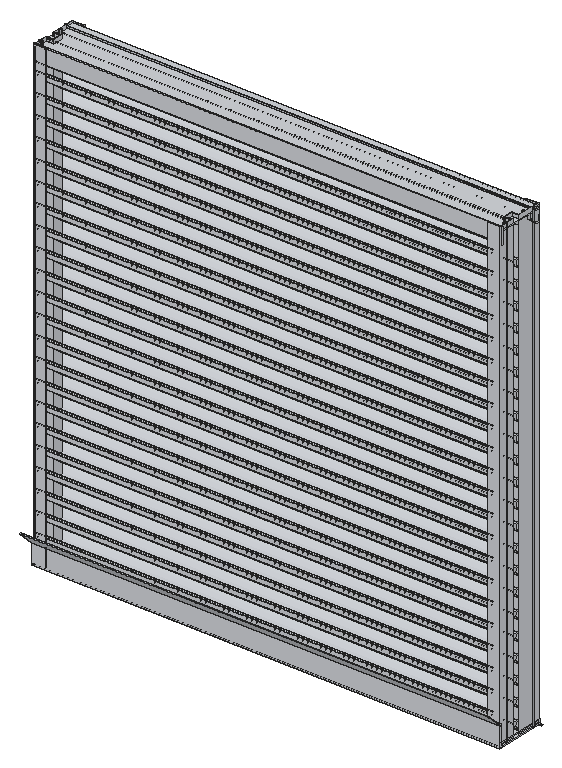
Revit family
Parameters
  blade array = (Height - 0' 2 1/2" - 0' 0 5/8") / 0' 2"  # 22
  URL = "www.airbalance.com"
  OmniClass Table 23 Title = "Exterior Louvers and Grilles"
  OmniClass Table 23 Code = "23-30 60 11 17"
  Model = "A590"
  Manufacturer = "Air Balance"
  Height = 3' - 11 1/4"
  Description = "Stationary Louver"
  Default Sill Height = 3' - 0"
  Wall Closure = (empty or 0)
  Width = 3' - 11 1/2"
  Blade Width = Width - (0' 0 5/32" * 2)  # 3' - 11 3/16"
Reference planes (in)
  plane 1 "Center (Front/Back)": y = 0
  plane 2: z = 0
  plane 3 "Center (Left/Right)": x = 0
  plane 4 "Sill": z = 36
  plane 5 "Top": z = 83.25
  plane 6: x = 65.5
  plane 7: z = 36.08098
  plane 8: z = 80.75
  plane 9: z = 78.75
  plane 10: y = 2.921
  plane 11: y = 2.842
  plane 12: x = 23.59777
  plane 13: x = -23.58973
  plane 14: x = -23.75
  plane 15: x = 23.75
Forms (in)
  Sweep 1, solid
    path in 3D
      loop
        line (23.76016, 2.921, 36.08098) -> (23.76016, 2.921, 83.25)
    profile origin (23.76016, 2.921, 59.66549) x (0, 1, 0) y (-1, 0, 0)
      loop
        line (-2.49103, 0.08339) -> (-0.83103, 0.08339) -> (-0.83103, 0.04272)
        arc (-0.83103, 0.04272) -> (-0.79209, 0.00214) -> (-0.75205, 0.04163) r 0.0395
        line (-0.75205, 0.04163) -> (-0.75205, 0.08339) -> (-0.00201, 0.08339) -> (-0.00201, 1.30339)
        arc (-0.00201, 1.30339) -> (-0.01079, 1.32461) -> (-0.03201, 1.33339) r 0.03
        line (-0.03201, 1.33339) -> (-0.08101, 1.33339) -> (-0.08101, 0.16239) -> (-1.58783, 0.16239)
        arc (-1.58783, 0.16239) -> (-1.61223, 0.17367) -> (-1.61681, 0.20016) r 0.02892
        arc (-1.61681, 0.20016) -> (-1.61524, 0.26738) -> (-1.64563, 0.32737) r 0.13797
        arc (-1.64563, 0.32737) -> (-1.69512, 0.33139) -> (-1.69883, 0.28188) r 0.035
        arc (-1.69883, 0.28188) -> (-1.75204, 0.16626) -> (-1.80524, 0.28188) r 0.07005
        arc (-1.80524, 0.28188) -> (-1.80918, 0.33114) -> (-1.85845, 0.32737) r 0.035
        arc (-1.85845, 0.32737) -> (-1.88855, 0.26732) -> (-1.88727, 0.20016) r 0.14027
        arc (-1.88727, 0.20016) -> (-1.89235, 0.17406) -> (-1.91625, 0.16239) r 0.02982
        line (-1.91625, 0.16239) -> (-2.41203, 0.16239) -> (-2.41203, 0.91239) -> (-3.41203, 0.91239) -> (-3.41203, 0.16239) -> (-3.93582, 0.16239)
        arc (-3.93582, 0.16239) -> (-3.96092, 0.17313) -> (-3.9648, 0.20016) r 0.02786
        arc (-3.9648, 0.20016) -> (-3.96372, 0.26727) -> (-3.99362, 0.32737) r 0.14186
        arc (-3.99362, 0.32737) -> (-4.04302, 0.33129) -> (-4.04684, 0.28188) r 0.03501
        arc (-4.04684, 0.28188) -> (-4.10001, 0.16617) -> (-4.15324, 0.28185) r 0.07008
        arc (-4.15324, 0.28185) -> (-4.15709, 0.3312) -> (-4.20644, 0.32729) r 0.03498
        arc (-4.20644, 0.32729) -> (-4.23649, 0.26727) -> (-4.2352, 0.20016) r 0.14024
        arc (-4.2352, 0.20016) -> (-4.24013, 0.17391) -> (-4.26423, 0.16239) r 0.0295
        line (-4.26423, 0.16239) -> (-4.842, 0.17618) -> (-4.842, 1.30339)
        arc (-4.842, 1.30339) -> (-4.85446, 1.32774) -> (-4.8815, 1.33185) r 0.03
        arc (-4.8815, 1.33185) -> (-4.90853, 1.32774) -> (-4.921, 1.30339) r 0.03
        line (-4.921, 1.30339) -> (-4.921, 0.08339) -> (-4.17099, 0.08339) -> (-4.17099, 0.04163)
        arc (-4.17099, 0.04163) -> (-4.13135, 0.00213) -> (-4.09199, 0.04192) r 0.03951
        line (-4.09199, 0.04192) -> (-4.09199, 0.08339) -> (-3.33303, 0.08339) -> (-3.33303, 0.83339) -> (-2.49103, 0.83339) -> (-2.49103, 0.08339)
  Sweep 2, solid
    path in 3D
      loop
        line (-23.75, 2.921, 83.25) -> (-23.75, 2.921, 36.08098)
    profile origin (-23.75, 2.921, 59.66549) x (1, 0, 0) y (0, 1, 0)
      loop
        line (0.08127, -2.48876) -> (0.83127, -2.48876) -> (0.83127, -3.33076) -> (0.08127, -3.33076) -> (0.08127, -4.08998) -> (0.03979, -4.08998)
        arc (0.03979, -4.08998) -> (0, -4.12934) -> (0.03951, -4.16899) r 0.03951
        line (0.03951, -4.16899) -> (0.08127, -4.16899) -> (0.08127, -4.91899) -> (1.30127, -4.91899)
        arc (1.30127, -4.91899) -> (1.32561, -4.90653) -> (1.32972, -4.87949) r 0.03
        arc (1.32972, -4.87949) -> (1.32561, -4.85246) -> (1.30127, -4.83999) r 0.03
        line (1.30127, -4.83999) -> (0.17405, -4.83999) -> (0.16027, -4.26222)
        arc (0.16027, -4.26222) -> (0.17178, -4.23812) -> (0.19803, -4.2332) r 0.0295
        arc (0.19803, -4.2332) -> (0.26514, -4.23448) -> (0.32518, -4.20445) r 0.14037
        arc (0.32518, -4.20445) -> (0.32912, -4.15508) -> (0.27974, -4.15121) r 0.035
        arc (0.27974, -4.15121) -> (0.16394, -4.09787) -> (0.27977, -4.04459) r 0.07018
        arc (0.27977, -4.04459) -> (0.32917, -4.04074) -> (0.32524, -3.99134) r 0.03501
        arc (0.32524, -3.99134) -> (0.26514, -3.96147) -> (0.19803, -3.96255) r 0.14196
        arc (0.19803, -3.96255) -> (0.171, -3.95868) -> (0.16027, -3.93358) r 0.02786
        line (0.16027, -3.93358) -> (0.16027, -3.40976) -> (0.91027, -3.40976) -> (0.91027, -2.40976) -> (0.16027, -2.40976) -> (0.16027, -1.91398)
        arc (0.16027, -1.91398) -> (0.17193, -1.89008) -> (0.19803, -1.885) r 0.02982
        arc (0.19803, -1.885) -> (0.26519, -1.88627) -> (0.32524, -1.85618) r 0.14027
        arc (0.32524, -1.85618) -> (0.32901, -1.80691) -> (0.27975, -1.80297) r 0.035
        arc (0.27975, -1.80297) -> (0.16413, -1.74977) -> (0.27975, -1.69656) r 0.07005
        arc (0.27975, -1.69656) -> (0.32927, -1.69285) -> (0.32524, -1.64336) r 0.035
        arc (0.32524, -1.64336) -> (0.26526, -1.61297) -> (0.19803, -1.61454) r 0.13797
        arc (0.19803, -1.61454) -> (0.17154, -1.60996) -> (0.16027, -1.58556) r 0.02892
        line (0.16027, -1.58556) -> (0.16027, -0.079) -> (1.33127, -0.079) -> (1.33127, -0.03)
        arc (1.33127, -0.03) -> (1.32248, -0.00879) -> (1.30127, 0) r 0.03
        line (1.30127, 0) -> (0.08127, 0) -> (0.08127, -0.75001) -> (0.03951, -0.75001)
        arc (0.03951, -0.75001) -> (0.00001, -0.79005) -> (0.04059, -0.829) r 0.0395
        line (0.04059, -0.829) -> (0.08127, -0.829) -> (0.08127, -2.48876)
  Sweep 3, solid
    path in 3D
      loop
        line (-23.75, 2.921, 36) -> (23.76016, 2.921, 36)
    profile origin (0.00508, 2.921, 36) x (0, 1, 0) y (0, 0, 1)
      loop
        line (-6.48625, 3.4668) -> (-6.53044, 3.42261) -> (-5.0625, 1.95466) -> (-5.0625, -0.0625) -> (0, -0.0625) -> (0.34497, -0.40747) -> (0.38917, -0.36328) -> (0.02589, 0) -> (-5, 0) -> (-5, 1.98055) -> (-6.48625, 3.4668)
  Sweep 4, solid
    path in 3D
      loop
        line (-23.75, 2.921, 36) -> (23.76016, 2.921, 36)
    profile origin (0.00508, 2.921, 36) x (0, 1, 0) y (0, 0, 1)
      loop
        line (-0.079, 0.30098) -> (-0.079, 0.15998) -> (-0.829, 0.15998) -> (-0.82896, 0.03949)
        arc (-0.82896, 0.03949) -> (-0.8174, 0.01156) -> (-0.7895, -0.00004) r 0.03954
        arc (-0.7895, -0.00004) -> (-0.76159, 0.01157) -> (-0.75004, 0.0395) r 0.03954
        line (-0.75004, 0.0395) -> (-0.75, 0.08098) -> (0, 0.08098) -> (0, 0.34998)
        arc (0, 0.34998) -> (-0.00879, 0.3712) -> (-0.03, 0.37998) r 0.03
        line (-0.03, 0.37998) -> (-4.921, 0.38) -> (-4.92098, 2.0909)
        arc (-4.92098, 2.0909) -> (-4.96009, 2.13041) -> (-5, 2.0917) r 0.03951
        line (-5, 2.0917) -> (-4.99999, 1.98055) -> (-5, 0.02988)
        arc (-5, 0.02988) -> (-4.99122, 0.00879) -> (-4.97014, 0) r 0.03
        line (-4.97014, 0) -> (-4.86184, 0)
        arc (-4.86184, 0) -> (-4.838, 0.02407) -> (-4.86199, 0.04799) r 0.02399
        line (-4.86199, 0.04799) -> (-4.921, 0.04799) -> (-4.921, 0.301) -> (-0.079, 0.30098)
  Sweep 5, solid
    path in 3D
      loop
        line (23.76016, 2.921, 83.25) -> (-23.75, 2.921, 83.25)
    profile origin (0.00508, 2.921, 83.25) x (0, 1, 0) y (0, 0, -1)
      loop
        line (-1.23131, 0.79828) -> (-0.73166, 1.29793)
        arc (-0.73166, 1.29793) -> (-0.46773, 1.48299) -> (-0.156, 1.56506) r 0.91515
        line (-0.156, 1.56506) -> (-0.156, 1.09727)
        arc (-0.156, 1.09727) -> (-0.13345, 1.04283) -> (-0.079, 1.02027) r 0.077
        line (-0.079, 1.02027) -> (-0.079, 1.64527)
        arc (-0.079, 1.64527) -> (-0.46168, 1.56915) -> (-0.78611, 1.35238) r 1
        line (-0.78611, 1.35238) -> (-1.3359, 0.80258)
        arc (-1.3359, 0.80258) -> (-1.34099, 0.77875) -> (-1.32132, 0.76437) r 0.0224
        arc (-1.32132, 0.76437) -> (-1.2746, 0.64616) -> (-1.39488, 0.68727) r 0.07
        arc (-1.39488, 0.68727) -> (-1.4333, 0.71848) -> (-1.4645, 0.68006) r 0.035
        arc (-1.4645, 0.68006) -> (-1.43287, 0.60494) -> (-1.36475, 0.56017) r 0.14
        line (-1.36475, 0.56017) -> (-1.36475, 0.39627) -> (-2.7446, 0.39627)
        arc (-2.7446, 0.39627) -> (-2.7684, 0.408) -> (-2.77358, 0.43403) r 0.03
        arc (-2.77358, 0.43403) -> (-2.77227, 0.5012) -> (-2.8024, 0.56124) r 0.14
        arc (-2.8024, 0.56124) -> (-2.85174, 0.5651) -> (-2.8556, 0.51575) r 0.035
        arc (-2.8556, 0.51575) -> (-2.90881, 0.40027) -> (-2.96201, 0.51575) r 0.07
        arc (-2.96201, 0.51575) -> (-2.96587, 0.5651) -> (-3.01522, 0.56124) r 0.035
        arc (-3.01522, 0.56124) -> (-3.04535, 0.5012) -> (-3.04404, 0.43403) r 0.14
        arc (-3.04404, 0.43403) -> (-3.04921, 0.408) -> (-3.07302, 0.39626) r 0.03
        line (-3.07302, 0.39626) -> (-4.682, 0.39626) -> (-4.682, 1.60676)
        arc (-4.682, 1.60676) -> (-4.7205, 1.64526) -> (-4.759, 1.60676) r 0.0385
        line (-4.759, 1.60676) -> (-4.759, 0.05877)
        arc (-4.759, 0.05877) -> (-4.7205, 0.02027) -> (-4.682, 0.05877) r 0.0385
        line (-4.682, 0.05877) -> (-4.682, 0.31926) -> (-0.923, 0.31927) -> (-0.158, 0.31927) -> (-0.158, 0.18035) -> (-0.908, 0.18035) -> (-0.908, 0.05978)
        arc (-0.908, 0.05978) -> (-0.8685, 0.02028) -> (-0.829, 0.05978) r 0.0395
        line (-0.829, 0.05978) -> (-0.829, 0.10128) -> (-0.079, 0.10128) -> (-0.079, 0.36627)
        arc (-0.079, 0.36627) -> (-0.08779, 0.38749) -> (-0.109, 0.39627) r 0.03
        line (-0.109, 0.39627) -> (-1.28575, 0.39627) -> (-1.28575, 0.56017)
        arc (-1.28575, 0.56017) -> (-1.18877, 0.66328) -> (-1.23131, 0.79828) r 0.14
Lines and regions (in)
  Opening 1
    outline origin (-60, -3.079, 0) x (1, 0, 0) y (0, 0, 1)
      loop
        line (36.25, 83.25) -> (36.25, 36) -> (83.76016, 36) -> (83.76016, 83.25) -> (36.25, 83.25)
  sketch lines
    curve 1: line (23.76016, 2.921, 36.08098) -> (23.76016, 2.921, 83.25)
    curve 2: line (-23.75, 2.921, 83.25) -> (-23.75, 2.921, 36.08098)
    curve 3: line (-23.75, 2.921, 36) -> (23.76016, 2.921, 36)
    curve 4: line (-23.75, 2.921, 36) -> (23.76016, 2.921, 36)
    curve 5: line (23.76016, 2.921, 83.25) -> (-23.75, 2.921, 83.25)
Text (in)
  text "EXTERIOR" at (-58.6888, 50.90694, 0), in view "Ref. Level"
  text "INTERIOR" at (-58.6888, -37.76638, 0), in view "Ref. Level"
  text "Exterior" at (0, 9.21515, 77.09475), in view "Left"
  text "Exterior" at (0, 5.92167, 81.30754), in view "Right"
Dimensions and locks (in)
  equal spacing: group 1, group 2, group 3, group 4, group 5, group 6, group 7, group 8, group 9, group 10, group 11, group 12, group 13, group 14, group 15, group 16, group 17, group 18, group 19, group 20, group 21, group 22  (x3)
  locked: plane 8 to plane 5 "Top" at 2.5
  locked: plane 9 to plane 8 at 2
  locked: host wall to plane 10 at 0
  locked: plane 10 to plane 11 at 0.079
  "Blade Width": plane 13 to plane 12
  "Width": plane 14 to plane 15
  locked: plane 14 to plane 13 at 0.16027
  plane 12 to plane 15 = 0' - 0.15223"
  equal spacing: plane 14, plane 3 "Center (Left/Right)", plane 15
  aligned and locked: plane 5 "Top" to Opening 1 sketch curve
  aligned and locked: plane 4 "Sill" to Opening 1 sketch curve  (x2)
  aligned and locked: nested 22 to plane 8
  aligned and locked: nested 21 to plane 9
  aligned and locked: nested 22 to plane 11
  aligned and locked: nested 21 to plane 11
Automatic sketch dimensions
  profile plane to Sweep 1 sketch curve = 0' - 0.08339"  (x3)
  profile plane to Sweep 1 sketch curve = 0' - 4.921"
  Sweep 1 sketch curve to Sweep 1 sketch curve = 0' - 0.03"  (x2)
  Sweep 1 sketch curve to Sweep 1 sketch curve = 0' - 0.0095"
  Sweep 1 sketch curve to Sweep 1 sketch curve = 0' - 0.019"
  profile plane to Sweep 1 sketch curve = 0' - 0.16239"  (x3)
  Sweep 1 sketch curve to Sweep 1 sketch curve = 0' - 0.57777"
  Sweep 1 sketch curve to Sweep 1 sketch curve = 0' - 0.0007"
  Sweep 1 sketch curve to Sweep 1 sketch curve = 0' - 0.02832"
  Sweep 1 sketch curve to Sweep 1 sketch curve = 0' - 0.02876"
  Sweep 1 sketch curve to Sweep 1 sketch curve = 0' - 0.02663"
  profile plane to Sweep 1 sketch curve = 0' - 0.04163"  (x2)
  Sweep 1 sketch curve to Sweep 1 sketch curve = 0' - 0.09323"
  Sweep 1 sketch curve to Sweep 1 sketch curve = 0' - 0.02657"  (x2)
  Sweep 1 sketch curve to Sweep 1 sketch curve = 0' - 0.03951"
  Sweep 1 sketch curve to Sweep 1 sketch curve = 0' - 0.05116"
  Sweep 1 sketch curve to Sweep 1 sketch curve = 0' - 0.00205"
  Sweep 1 sketch curve to Sweep 1 sketch curve = 0' - 0.00033"
  Sweep 1 sketch curve to Sweep 1 sketch curve = 0' - 0.0395"  (x2)
  Sweep 1 sketch curve to Sweep 1 sketch curve = 0' - 0.05286"
  Sweep 1 sketch curve to Sweep 1 sketch curve = 0' - 0.02666"
  Sweep 1 sketch curve to Sweep 1 sketch curve = 0' - 0 21/256"  (x2)
  Sweep 1 sketch curve to Sweep 1 sketch curve = 0' - 0.02598"
  Sweep 1 sketch curve to Sweep 1 sketch curve = 0' - 0.003"
  Sweep 1 sketch curve to Sweep 1 sketch curve = 0' - 0.58159"
  Sweep 1 sketch curve to Sweep 1 sketch curve = 0' - 0.079"  (x4)
  Sweep 1 sketch curve to Sweep 1 sketch curve = 0' - 0.842"
  Sweep 1 sketch curve to Sweep 1 sketch curve = 0' - 0.49578"
  Sweep 1 sketch curve to Sweep 1 sketch curve = 0' - 0.00023"
  Sweep 1 sketch curve to Sweep 1 sketch curve = 0' - 0.02874"
  Sweep 1 sketch curve to Sweep 1 sketch curve = 0' - 0.02882"
  Sweep 1 sketch curve to Sweep 1 sketch curve = 0' - 0.02653"
  Sweep 1 sketch curve to Sweep 1 sketch curve = 0' - 0.02668"
  Sweep 1 sketch curve to Sweep 1 sketch curve = 0' - 0.05321"
  Sweep 1 sketch curve to Sweep 1 sketch curve = 0' - 0.00029"
  Sweep 1 sketch curve to Sweep 1 sketch curve = 0' - 0.00195"
  Sweep 1 sketch curve to Sweep 1 sketch curve = 0' - 0.05096"
  Sweep 1 sketch curve to Sweep 1 sketch curve = 0' - 0.02646"
  Sweep 1 sketch curve to Sweep 1 sketch curve = 0' - 0.02674"
  Sweep 1 sketch curve to Sweep 1 sketch curve = 0' - 0.02752"
  Sweep 1 sketch curve to Sweep 1 sketch curve = 0' - 0.00146"
  Sweep 1 sketch curve to Sweep 1 sketch curve = 0' - 0.7568"
  Sweep 1 sketch curve to Sweep 1 sketch curve = 0' - 0.03949"
  profile plane to Sweep 1 sketch curve = 0' - 0.08101"
  profile plane to Sweep 1 sketch curve = 0' - 0.03201"
  profile plane to Sweep 1 sketch curve = 0' - 0.00201"
  Sweep 1 sketch curve to Sweep 1 sketch curve = 0' - 0.04148"
  Sweep 1 sketch curve to Sweep 1 sketch curve = 0' - 0.09278"
  Sweep 1 sketch curve to Sweep 1 sketch curve = 0' - 0.0277"
  Sweep 1 sketch curve to Sweep 1 sketch curve = 0' - 0.02888"
  Sweep 1 sketch curve to Sweep 1 sketch curve = 0' - 0.02949"
  Sweep 1 sketch curve to Sweep 1 sketch curve = 0' - 0.02982"
  Sweep 1 sketch curve to Sweep 1 sketch curve = 0' - 0.03577"
  Sweep 1 sketch curve to Sweep 1 sketch curve = 0' - 0.00032"
  Sweep 1 sketch curve to Sweep 1 sketch curve = 0' - 0.03615"
  Sweep 1 sketch curve to Sweep 1 sketch curve = 0' - 0.00007"
  Sweep 1 sketch curve to Sweep 1 sketch curve = 0' - 0"
  Sweep 1 sketch curve to Sweep 1 sketch curve = 0' - 0.00058"
  Sweep 1 sketch curve to Sweep 1 sketch curve = 0' - 0.04592"
  Sweep 1 sketch curve to Sweep 1 sketch curve = 0' - 0.04498"
  Sweep 1 sketch curve to Sweep 1 sketch curve = 0' - 0.671"
  Sweep 1 sketch curve to Sweep 1 sketch curve = 0' - 1.141"
  Sweep 1 sketch curve to Sweep 1 sketch curve = 0' - 1.12722"
  profile plane to Sweep 2 sketch curve = 0' - 0.03951"  (x2)
  Sweep 2 sketch curve to Sweep 2 sketch curve = 0' - 0.00028"
  Sweep 2 sketch curve to Sweep 2 sketch curve = 0' - 0.00108"
  profile plane to Sweep 2 sketch curve = 0' - 0.08127"  (x3)
  Sweep 2 sketch curve to Sweep 2 sketch curve = 0' - 0.04148"
  Sweep 2 sketch curve to Sweep 2 sketch curve = 0' - 0.079"  (x6)
  profile plane to Sweep 2 sketch curve = 0' - 0.16027"
  Sweep 2 sketch curve to Sweep 2 sketch curve = 0' - 0.09278"
  Sweep 2 sketch curve to Sweep 2 sketch curve = 0' - 0.0277"
  Sweep 2 sketch curve to Sweep 2 sketch curve = 0' - 0.02888"
  Sweep 2 sketch curve to Sweep 2 sketch curve = 0' - 0.02949"
  Sweep 2 sketch curve to Sweep 2 sketch curve = 0' - 0.02982"
  Sweep 2 sketch curve to Sweep 2 sketch curve = 0' - 0.01007"
  Sweep 2 sketch curve to Sweep 2 sketch curve = 0' - 0.00827"
  Sweep 2 sketch curve to Sweep 2 sketch curve = 0' - 0.00888"
  Sweep 2 sketch curve to Sweep 2 sketch curve = 0' - 0.00794"
  Sweep 2 sketch curve to Sweep 2 sketch curve = 0' - 0.03577"
  Sweep 2 sketch curve to Sweep 2 sketch curve = 0' - 0.00032"
  Sweep 2 sketch curve to Sweep 2 sketch curve = 0' - 0.03615"
  Sweep 2 sketch curve to Sweep 2 sketch curve = 0' - 0.00007"
  Sweep 2 sketch curve to Sweep 2 sketch curve = 0' - 0"  (x5)
  Sweep 2 sketch curve to Sweep 2 sketch curve = 0' - 0.00058"
  Sweep 2 sketch curve to Sweep 2 sketch curve = 0' - 0.04594"
  Sweep 2 sketch curve to Sweep 2 sketch curve = 0' - 0.04498"
  Sweep 2 sketch curve to Sweep 2 sketch curve = 0' - 0.04557"
  Sweep 2 sketch curve to Sweep 2 sketch curve = 0' - 0.04558"
  Sweep 2 sketch curve to Sweep 2 sketch curve = 0' - 0.02266"
  Sweep 2 sketch curve to Sweep 2 sketch curve = 0' - 0.02275"
  Sweep 2 sketch curve to Sweep 2 sketch curve = 0' - 0.02278"
  Sweep 2 sketch curve to Sweep 2 sketch curve = 0' - 0.02291"
  Sweep 2 sketch curve to Sweep 2 sketch curve = 0' - 0.02268"
  Sweep 2 sketch curve to Sweep 2 sketch curve = 0' - 0.02269"
  Sweep 2 sketch curve to Sweep 2 sketch curve = 0' - 0.02258"
  Sweep 2 sketch curve to Sweep 2 sketch curve = 0' - 0.02283"
  profile plane to Sweep 2 sketch curve = 0' - 0.83127"
  profile plane to Sweep 2 sketch curve = 0' - 1.30127"  (x2)
  Sweep 2 sketch curve to Sweep 2 sketch curve = 0' - 0.02846"
  Sweep 2 sketch curve to Sweep 2 sketch curve = 0' - 0.03"  (x2)
  Sweep 2 sketch curve to Sweep 2 sketch curve = 0' - 0.019"
  Sweep 2 sketch curve to Sweep 2 sketch curve = 0' - 0.57777"
  Sweep 2 sketch curve to Sweep 2 sketch curve = 0' - 0.0007"
  Sweep 2 sketch curve to Sweep 2 sketch curve = 0' - 0.02874"
  Sweep 2 sketch curve to Sweep 2 sketch curve = 0' - 0.09323"
  Sweep 2 sketch curve to Sweep 2 sketch curve = 0' - 0.03951"
  Sweep 2 sketch curve to Sweep 2 sketch curve = 0' - 0.00205"
  Sweep 2 sketch curve to Sweep 2 sketch curve = 0' - 0.02598"
  Sweep 2 sketch curve to Sweep 2 sketch curve = 0' - 0.58159"
  Sweep 2 sketch curve to Sweep 2 sketch curve = 0' - 0.842"
  Sweep 2 sketch curve to Sweep 2 sketch curve = 0' - 0.49578"
  Sweep 2 sketch curve to Sweep 2 sketch curve = 0' - 0.00023"
  Sweep 2 sketch curve to Sweep 2 sketch curve = 0' - 0.02882"
  Sweep 2 sketch curve to Sweep 2 sketch curve = 0' - 0.02653"
  Sweep 2 sketch curve to Sweep 2 sketch curve = 0' - 0.00029"
  Sweep 2 sketch curve to Sweep 2 sketch curve = 0' - 0.00195"
  Sweep 2 sketch curve to Sweep 2 sketch curve = 0' - 0.02646"
  Sweep 2 sketch curve to Sweep 2 sketch curve = 0' - 0.02752"
  Sweep 2 sketch curve to Sweep 2 sketch curve = 0' - 0.75656"
  Sweep 2 sketch curve to Sweep 2 sketch curve = 0' - 0.03949"
  Sweep 2 sketch curve to Sweep 2 sketch curve = 0' - 0.67101"
  Sweep 2 sketch curve to Sweep 2 sketch curve = 0' - 0.049"
  profile plane to Sweep 2 sketch curve = 0' - 4.91899"
  profile plane to Sweep 3 sketch curve = 0' - 6.53044"
  Sweep 3 sketch curve to Sweep 3 sketch curve = 0' - 0.04419"
  profile plane to Sweep 3 sketch curve = 0' - 5 1/16"
  Sweep 3 sketch curve to Sweep 3 sketch curve = 0' - 0 1/16"
  Sweep 3 sketch curve to profile plane = 0' - 0 1/16"
  Sweep 3 sketch curve to Sweep 3 sketch curve = 0' - 5"
  Sweep 3 sketch curve to Sweep 3 sketch curve = 0' - 0.02589"  (x2)
  Sweep 3 sketch curve to profile plane = 0' - 0.40747"
  Sweep 3 sketch curve to Sweep 3 sketch curve = 0' - 0.34497"
  Sweep 3 sketch curve to profile plane = 0' - 0 93/256"
  Sweep 3 sketch curve to Sweep 3 sketch curve = 0' - 1.95466"
  Sweep 4 sketch curve to profile plane = 0' - 0"  (x2)
  profile plane to Sweep 4 sketch curve = 0' - 0"
  profile plane to Sweep 4 sketch curve = 0' - 0.03"  (x3)
  Sweep 4 sketch curve to Sweep 4 sketch curve = 0' - 0.049"  (x3)
  profile plane to Sweep 4 sketch curve = 0' - 0.079"
  profile plane to Sweep 4 sketch curve = 0' - 0.08098"
  Sweep 4 sketch curve to Sweep 4 sketch curve = 0' - 0.671"
  profile plane to Sweep 4 sketch curve = 0' - 0.0395"
  Sweep 4 sketch curve to Sweep 4 sketch curve = 0' - 0.00004"
  Sweep 4 sketch curve to Sweep 4 sketch curve = 0' - 0.03938"  (x2)
  Sweep 4 sketch curve to profile plane = 0' - 0.00004"
  Sweep 4 sketch curve to Sweep 4 sketch curve = 0' - 0.00008"
  Sweep 4 sketch curve to Sweep 4 sketch curve = 0' - 0.00015"  (x2)
  profile plane to Sweep 4 sketch curve = 0' - 0.03949"
  profile plane to Sweep 4 sketch curve = 0' - 0.15998"
  Sweep 4 sketch curve to Sweep 4 sketch curve = 0' - 0.079"
  Sweep 4 sketch curve to Sweep 4 sketch curve = 0' - 4.03288"
  Sweep 4 sketch curve to Sweep 4 sketch curve = 0' - 0.05899"
  profile plane to Sweep 4 sketch curve = 0' - 0.38"
  Sweep 4 sketch curve to Sweep 4 sketch curve = 0' - 0.059"
  profile plane to Sweep 4 sketch curve = 0' - 0.301"
  Sweep 4 sketch curve to Sweep 4 sketch curve = 0' - 0"  (x2)
  Sweep 4 sketch curve to Sweep 4 sketch curve = 0' - 0.05901"
  Sweep 4 sketch curve to Sweep 4 sketch curve = 0' - 0.03951"
  Sweep 4 sketch curve to Sweep 4 sketch curve = 0' - 0.00014"
  profile plane to Sweep 4 sketch curve = 0' - 1.98055"
  Sweep 4 sketch curve to Sweep 4 sketch curve = 0' - 0.0395"  (x2)
  profile plane to Sweep 4 sketch curve = 0' - 2.0917"
  profile plane to Sweep 4 sketch curve = 0' - 0.02988"
  profile plane to Sweep 4 sketch curve = 0' - 0.02399"
  Sweep 4 sketch curve to Sweep 4 sketch curve = 0' - 0.141"
  Sweep 4 sketch curve to Sweep 4 sketch curve = 0' - 0.0008"
  Sweep 5 sketch curve to Sweep 5 sketch curve = 0' - 0"  (x35)
  profile plane to Sweep 5 sketch curve = 0' - 1.60676"
  profile plane to Sweep 5 sketch curve = 0' - 4.759"
  profile plane to Sweep 5 sketch curve = 0' - 0.05877"
  Sweep 5 sketch curve to Sweep 5 sketch curve = 0' - 0.0385"  (x2)
  profile plane to Sweep 5 sketch curve = 0' - 0.39626"
  profile plane to Sweep 5 sketch curve = 0' - 0.31926"
  profile plane to Sweep 5 sketch curve = 0' - 0.42626"
  Sweep 5 sketch curve to Sweep 5 sketch curve = 0' - 1.60898"
  Sweep 5 sketch curve to Sweep 5 sketch curve = 0' - 0.02898"  (x2)
  Sweep 5 sketch curve to Sweep 5 sketch curve = 0' - 0.02882"
  Sweep 5 sketch curve to Sweep 5 sketch curve = 0' - 0.0266"  (x2)
  Sweep 5 sketch curve to Sweep 5 sketch curve = 0' - 0.05321"  (x2)
  Sweep 5 sketch curve to Sweep 5 sketch curve = 0' - 0 21/256"
  profile plane to Sweep 5 sketch curve = 0' - 0.68006"
  Sweep 5 sketch curve to Sweep 5 sketch curve = 0' - 1.2801"
  Sweep 5 sketch curve to Sweep 5 sketch curve = 0' - 0.03481"  (x2)
  Sweep 5 sketch curve to Sweep 5 sketch curve = 0' - 0.03013"
  Sweep 5 sketch curve to Sweep 5 sketch curve = 0' - 0.05897"
  Sweep 5 sketch curve to Sweep 5 sketch curve = 0' - 0.06963"
  Sweep 5 sketch curve to Sweep 5 sketch curve = 0' - 0.01458"
  Sweep 5 sketch curve to Sweep 5 sketch curve = 0' - 0.01584"
  Sweep 5 sketch curve to Sweep 5 sketch curve = 0' - 0.079"
  profile plane to Sweep 5 sketch curve = 0' - 0.79828"
  Sweep 5 sketch curve to Sweep 5 sketch curve = 0' - 0.08875"
  Sweep 5 sketch curve to Sweep 5 sketch curve = 0' - 0.36275"
  profile plane to Sweep 5 sketch curve = 0' - 0.18035"
  Sweep 5 sketch curve to Sweep 5 sketch curve = 0' - 0.015"
  profile plane to Sweep 5 sketch curve = 0' - 0.05978"
  Sweep 5 sketch curve to Sweep 5 sketch curve = 0' - 0.0395"
  Sweep 5 sketch curve to Sweep 5 sketch curve = 0' - 0.4452"
  Sweep 5 sketch curve to Sweep 5 sketch curve = 0' - 0.05445"  (x2)
  profile plane to Sweep 5 sketch curve = 0' - 0.158"
  profile plane to Sweep 5 sketch curve = 0' - 0.156"
  Sweep 5 sketch curve to Sweep 5 sketch curve = 0' - 0.049"
  profile plane to Sweep 5 sketch curve = 0' - 0.08252"
  profile plane to Sweep 5 sketch curve = 0' - 0.079"  (x2)
  Sweep 5 sketch curve to Sweep 5 sketch curve = 0' - 0.00352"
  Sweep 5 sketch curve to Sweep 5 sketch curve = 0' - 0.03"  (x2)
  Sweep 5 sketch curve to Sweep 5 sketch curve = 0' - 0.0415"
  Sweep 5 sketch curve to Sweep 5 sketch curve = 0' - 0.13892"  (x2)
  Sweep 5 sketch curve to Sweep 5 sketch curve = 0' - 0.047"
  Sweep 5 sketch curve to Sweep 5 sketch curve = 0' - 0.28379"
  Sweep 5 sketch curve to Sweep 5 sketch curve = 0' - 0.11989"
  Sweep 5 sketch curve to Sweep 5 sketch curve = 0' - 0.249"
  Sweep 5 sketch curve to Sweep 5 sketch curve = 0' - 0.00759"
  Sweep 5 sketch curve to Sweep 5 sketch curve = 0' - 0.36741"
  Sweep 5 sketch curve to Sweep 5 sketch curve = 0' - 0.20066"
  Opening 1 sketch curve to plane 12 = 0' - 0.16239"
  plane 13 to Opening 1 sketch curve = 0' - 0.16027"
Nested families (in)
  nested 1: "A590 LOUVER" at (0, 2.842, 36.55885), width <- "Blade Width", type "Family3"
    with width 3' - 11 3/16", Blade Material none
  nested 2: "A590 LOUVER" at (0, 2.842, 38.55885), width <- "Blade Width", type "Family3"
    with width 3' - 11 3/16", Blade Material none
  nested 3: "A590 LOUVER" at (0, 2.842, 40.55885), width <- "Blade Width", type "Family3"
    with width 3' - 11 3/16", Blade Material none
  nested 4: "A590 LOUVER" at (0, 2.842, 42.55885), width <- "Blade Width", type "Family3"
    with width 3' - 11 3/16", Blade Material none
  nested 5: "A590 LOUVER" at (0, 2.842, 44.55885), width <- "Blade Width", type "Family3"
    with width 3' - 11 3/16", Blade Material none
  nested 6: "A590 LOUVER" at (0, 2.842, 46.55885), width <- "Blade Width", type "Family3"
    with width 3' - 11 3/16", Blade Material none
  nested 7: "A590 LOUVER" at (0, 2.842, 48.55885), width <- "Blade Width", type "Family3"
    with width 3' - 11 3/16", Blade Material none
  nested 8: "A590 LOUVER" at (0, 2.842, 50.55885), width <- "Blade Width", type "Family3"
    with width 3' - 11 3/16", Blade Material none
  nested 9: "A590 LOUVER" at (0, 2.842, 52.55885), width <- "Blade Width", type "Family3"
    with width 3' - 11 3/16", Blade Material none
  nested 10: "A590 LOUVER" at (0, 2.842, 54.55885), width <- "Blade Width", type "Family3"
    with width 3' - 11 3/16", Blade Material none
  nested 11: "A590 LOUVER" at (0, 2.842, 56.55885), width <- "Blade Width", type "Family3"
    with width 3' - 11 3/16", Blade Material none
  nested 12: "A590 LOUVER" at (0, 2.842, 58.55885), width <- "Blade Width", type "Family3"
    with width 3' - 11 3/16", Blade Material none
  nested 13: "A590 LOUVER" at (0, 2.842, 60.55885), width <- "Blade Width", type "Family3"
    with width 3' - 11 3/16", Blade Material none
  nested 14: "A590 LOUVER" at (0, 2.842, 62.55885), width <- "Blade Width", type "Family3"
    with width 3' - 11 3/16", Blade Material none
  nested 15: "A590 LOUVER" at (0, 2.842, 64.55885), width <- "Blade Width", type "Family3"
    with width 3' - 11 3/16", Blade Material none
  nested 16: "A590 LOUVER" at (0, 2.842, 66.55885), width <- "Blade Width", type "Family3"
    with width 3' - 11 3/16", Blade Material none
  nested 17: "A590 LOUVER" at (0, 2.842, 68.55885), width <- "Blade Width", type "Family3"
    with width 3' - 11 3/16", Blade Material none
  nested 18: "A590 LOUVER" at (0, 2.842, 70.55885), width <- "Blade Width", type "Family3"
    with width 3' - 11 3/16", Blade Material none
  nested 19: "A590 LOUVER" at (0, 2.842, 72.55885), width <- "Blade Width", type "Family3"
    with width 3' - 11 3/16", Blade Material none
  nested 20: "A590 LOUVER" at (0, 2.842, 74.55885), width <- "Blade Width", type "Family3"
    with width 3' - 11 3/16", Blade Material none
  nested 21: "A590 LOUVER" at (0, 2.842, 76.55885), width <- "Blade Width", type "Family3"
    with width 3' - 11 3/16", Blade Material none
  nested 22: "A590 LOUVER" at (0, 2.842, 78.55885), width <- "Blade Width", type "Family3"
    with width 3' - 11 3/16", Blade Material none
Definition of nested family "A590 LOUVER"
  Parameters (values of type "Family3")
    width [instance] = 2' - 10 1/4"
    Blade Material [instance] = none
    Blade  Width = 2' - 10 1/4"
    Assembly Code = ""
  Reference planes (in)
    plane 1 "Center (Front/Back)": y = 0
    plane 2: z = 0
    plane 3 "Center (Left/Right)": x = 0
    plane 4: x = -17.125
    plane 5: x = 17.125
    plane 6: z = 2.19115
    plane 7: y = -4.75
    plane 8: x = -17.125
    plane 9: x = 17.125
  Forms (in)
    Extrusion 1, solid, material <- "Blade Material"
      sketch origin (0, -1.96581, -67.58279) x (0, 1, 0) y (0, 0, 1)
        loop
          arc (-0.76871, 68.25542) -> (0.06321, 68.38031) -> (0.80126, 68.78399) r 2.40569
          line (0.80126, 68.78399) -> (1.37426, 69.22998) -> (1.90781, 69.6538) -> (1.90781, 69.30294)
          arc (1.90781, 69.30294) -> (1.93681, 69.27394) -> (1.96581, 69.30294) r 0.029
          line (1.96581, 69.30294) -> (1.96581, 69.77394) -> (1.44739, 69.3661) -> (0.76241, 68.83295)
          arc (0.76241, 68.83295) -> (-0.10628, 68.39466) -> (-1.07811, 68.34701) r 2.34319
          line (-1.07811, 68.34701) -> (-2.53706, 69.46394) -> (-2.72781, 69.46394) -> (-2.72781, 69.71594) -> (-2.55749, 69.71594) -> (-2.41159, 69.60407)
          arc (-2.41159, 69.60407) -> (-2.36723, 69.6066) -> (-2.3763, 69.6501) r 0.02932
          line (-2.3763, 69.6501) -> (-2.53781, 69.77394) -> (-2.78419, 69.77394) -> (-2.78419, 69.27394) -> (-2.72619, 69.27394) -> (-2.72619, 69.40594) -> (-2.56411, 69.40594) -> (-1.12941, 68.30757)
          arc (-1.12941, 68.30757) -> (-0.96167, 68.08371) -> (-0.82365, 67.84041) r 2.20312
          arc (-0.82365, 67.84041) -> (-0.37204, 67.58279) -> (0.0916, 67.81805) r 0.54828
          arc (0.0916, 67.81805) -> (0.0845, 67.85866) -> (0.04397, 67.85114) r 0.029
          arc (0.04397, 67.85114) -> (-0.37067, 67.63959) -> (-0.77447, 67.87114) r 0.48886
          arc (-0.77447, 67.87114) -> (-0.80418, 67.92997) -> (-0.83467, 67.98841) r 4.99769
          arc (-0.83467, 67.98841) -> (-0.83554, 68.01341) -> (-0.81815, 68.03139) r 0.03197
          arc (-0.81815, 68.03139) -> (-0.79327, 68.04334) -> (-0.77049, 68.05891) r 0.18219
          arc (-0.77049, 68.05891) -> (-0.76748, 68.10848) -> (-0.81705, 68.11141) r 0.03508
          arc (-0.81705, 68.11141) -> (-0.93426, 68.16123) -> (-0.82092, 68.21932) r 0.07031
          arc (-0.82092, 68.21932) -> (-0.77986, 68.21574) -> (-0.76871, 68.25542) r 0.0323
      from -17.125 to 17.125
  Dimensions and locks (in)
    equal spacing: plane 4, plane 3 "Center (Left/Right)", plane 5
    "width": plane 4 to plane 5
    "Blade  Width": plane 8 to plane 9
    aligned and locked: plane 4 to Extrusion 1
    aligned and locked: plane 5 to Extrusion 1
  Automatic sketch dimensions
    plane 1 "Center (Front/Back)" to Extrusion 1 sketch curve = 0' - 7.21623"
    Extrusion 1 sketch curve to Extrusion 1 sketch curve = 0' - 2.44537"
    Extrusion 1 sketch curve to Extrusion 1 sketch curve = 0' - 0.02086"
    Extrusion 1 sketch curve to Extrusion 1 sketch curve = 0' - 0.05637"
    Extrusion 1 sketch curve to Extrusion 1 sketch curve = 0' - 0.00163"
    Extrusion 1 sketch curve to Extrusion 1 sketch curve = 0' - 0.16207"
    Extrusion 1 sketch curve to Extrusion 1 sketch curve = 0' - 0.17032"
    Extrusion 1 sketch curve to Extrusion 1 sketch curve = 0' - 0.01968"
    Extrusion 1 sketch curve to Extrusion 1 sketch curve = 0' - 0.02706"
    Extrusion 1 sketch curve to Extrusion 1 sketch curve = 0' - 0.14589"
    Extrusion 1 sketch curve to Extrusion 1 sketch curve = 0' - 0.02109"
    Extrusion 1 sketch curve to Extrusion 1 sketch curve = 0' - 0.0142"
    plane 1 "Center (Front/Back)" to Extrusion 1 sketch curve = 0' - 3.09522"
    Extrusion 1 sketch curve to Extrusion 1 sketch curve = 0' - 0.0513"
    Extrusion 1 sketch curve to Extrusion 1 sketch curve = 0' - 0.19373"
    Extrusion 1 sketch curve to Extrusion 1 sketch curve = 0' - 0.02038"
    Extrusion 1 sketch curve to Extrusion 1 sketch curve = 0' - 0.02933"
    Extrusion 1 sketch curve to Extrusion 1 sketch curve = 0' - 0.01102"
    Extrusion 1 sketch curve to Extrusion 1 sketch curve = 0' - 0.06346"
    Extrusion 1 sketch curve to Extrusion 1 sketch curve = 0' - 0.01651"
    Extrusion 1 sketch curve to Extrusion 1 sketch curve = 0' - 0.04695"
    Extrusion 1 sketch curve to Extrusion 1 sketch curve = 0' - 0.01245"
    Extrusion 1 sketch curve to Extrusion 1 sketch curve = 0' - 0.02269"
    Extrusion 1 sketch curve to Extrusion 1 sketch curve = 0' - 0.02332"
    Extrusion 1 sketch curve to Extrusion 1 sketch curve = 0' - 0.04917"
    Extrusion 1 sketch curve to Extrusion 1 sketch curve = 0' - 0.02324"
    Extrusion 1 sketch curve to Extrusion 1 sketch curve = 0' - 0.02951"
    plane 1 "Center (Front/Back)" to Extrusion 1 sketch curve = 0' - 2.67025"
    Extrusion 1 sketch curve to Extrusion 1 sketch curve = 0' - 0.00004"
    plane 1 "Center (Front/Back)" to Extrusion 1 sketch curve = 0' - 2.32454"
    Extrusion 1 sketch curve to Extrusion 1 sketch curve = 0' - 0.00007"
    plane 1 "Center (Front/Back)" to Extrusion 1 sketch curve = 0' - 1.92185"
    Extrusion 1 sketch curve to Extrusion 1 sketch curve = 0' - 0.02399"
    Extrusion 1 sketch curve to Extrusion 1 sketch curve = 0' - 0.02364"
    plane 1 "Center (Front/Back)" to Extrusion 1 sketch curve = 0' - 1.2034"
    Extrusion 1 sketch curve to Extrusion 1 sketch curve = 0' - 0.03885"
    Extrusion 1 sketch curve to Extrusion 1 sketch curve = 0' - 0.573"
    Extrusion 1 sketch curve to Extrusion 1 sketch curve = 0' - 0.07313"
    Extrusion 1 sketch curve to Extrusion 1 sketch curve = 0' - 0.029"
    Extrusion 1 sketch curve to level = 0' - 1.93493"
    Extrusion 1 sketch curve to Extrusion 1 sketch curve = 0' - 1.22933"
    Extrusion 1 sketch curve to Extrusion 1 sketch curve = 0' - 0.94085"
    Extrusion 1 sketch curve to Extrusion 1 sketch curve = 0' - 0.01679"
    Extrusion 1 sketch curve to Extrusion 1 sketch curve = 0' - 0.01073"
    Extrusion 1 sketch curve to Extrusion 1 sketch curve = 0' - 0.03073"
    Extrusion 1 sketch curve to Extrusion 1 sketch curve = 0' - 0.01353"
    Extrusion 1 sketch curve to Extrusion 1 sketch curve = 0' - 0.02753"
    Extrusion 1 sketch curve to Extrusion 1 sketch curve = 0' - 0.02628"
    Extrusion 1 sketch curve to Extrusion 1 sketch curve = 0' - 0.03736"
    Extrusion 1 sketch curve to Extrusion 1 sketch curve = 0' - 0.02298"
    Extrusion 1 sketch curve to Extrusion 1 sketch curve = 0' - 0.03944"
    Extrusion 1 sketch curve to Extrusion 1 sketch curve = 0' - 0.96594"
    Extrusion 1 sketch curve to Extrusion 1 sketch curve = 0' - 0.04896"
    Extrusion 1 sketch curve to Extrusion 1 sketch curve = 0' - 0.44599"
    Extrusion 1 sketch curve to Extrusion 1 sketch curve = 0' - 0.96637"
    Extrusion 1 sketch curve to Extrusion 1 sketch curve = 0' - 0.07296"
    Extrusion 1 sketch curve to Extrusion 1 sketch curve = 0' - 0.13612"
    Extrusion 1 sketch curve to Extrusion 1 sketch curve = 0' - 0.132"
    Extrusion 1 sketch curve to Extrusion 1 sketch curve = 0' - 0.058"  (x2)
    Extrusion 1 sketch curve to Extrusion 1 sketch curve = 0' - 0.14013"
    Extrusion 1 sketch curve to Extrusion 1 sketch curve = 0' - 0.02037"
    Extrusion 1 sketch curve to Extrusion 1 sketch curve = 0' - 0.11187"
    Extrusion 1 sketch curve to Extrusion 1 sketch curve = 0' - 0.12014"
    Extrusion 1 sketch curve to Extrusion 1 sketch curve = 0' - 0.46042"
    Extrusion 1 sketch curve to Extrusion 1 sketch curve = 0' - 0.35086"
